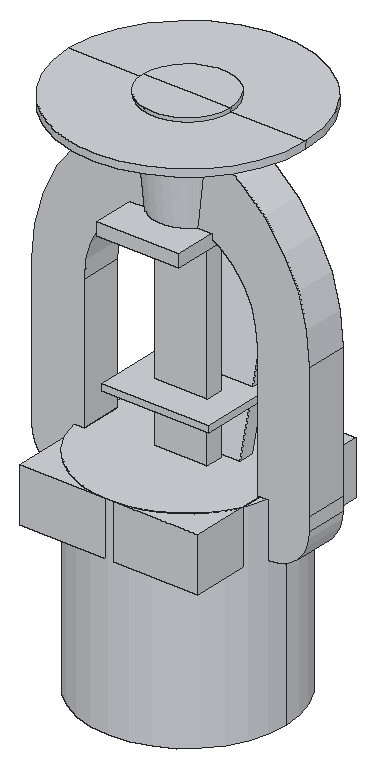
Revit family
Parameters (values of type "RASCO KFR-56")
  Temperature Rating = 212 °F
  Response = 1
  RASCO SIN # = "RA1414"
  RASCO Part # = "M216113299"
  Pressure Rating = "175 PSI"
  Pressure Class = (empty or 0)
  Orifice Size = 1/2"
  Orifice = (empty or 0)
  Model = "KFR-56"
  Manufacturer = "RASCO"
  K-Factor = 5.6
  Description = "Bronze Finish"
  Coverage = (empty or 0)
Reference planes (in)
  plane 1 "Center (Front/Back)": y = 0
  plane 2: z = 0
  plane 3 "Center (Left/Right)": x = 0
Dimensions and locks (in)
  aligned and locked: plane 2 to level
Nested families (in)
  nested 1: "RASCO- KFR-56" at (-0.64405, -1.77485, 0), type "RASCO KFR 56"
Definition of nested family "RASCO- KFR-56"
  Parameters (values of type "RASCO KFR 56")
    Type Comments = ""
    Temperature Rating = 0 °F
    Response = (empty or 0)
    Pressure Rating = "0"
    Pressure Class = (empty or 0)
    Orifice Size = 0"
    Orifice = (empty or 0)
    Model = ""
    Manufacturer = ""
    K-Factor = 0
    Description = ""
    Coverage = (empty or 0)
    Assembly Code = ""
  Reference planes (in)
    plane 1 "Center (Front/Back)": y = 0
    plane 2: z = 0
    plane 3 "REF.1": z = 0.66
    plane 4 "top": z = 2.25
    plane 5: x = -0.586
    plane 6: x = 0.586
    plane 7 "head": z = 2.72724
    plane 8 "left/right center": x = 0
    plane 9 "screw": z = 1.98251
    plane 10 "link2": through (0, -0.02489, 1.21079) normal (0, 0.6767, -0.7363)
    plane 11: z = 3.03899
    plane 12: z = 1.213
    plane 13: z = 3.80984
  Forms (in)
    Extrusion 1, solid
      sketch origin (0, 0, 0) x (1, 0, 0) y (0, 1, 0)
        loop
          circle (0, 0) r 0.417
      from 0 to 0.888
    Extrusion 2, solid
      sketch origin (0.12566, -0.07908, 0.66) x (-1, 0, 0) y (0, -1, 0)
        loop
          line (-0.24934, -0.49608) -> (0.50066, -0.49608) -> (0.50066, 0.33642) -> (-0.24934, 0.33642) -> (-0.24934, -0.49608)
      from 0 to 0.228
    Extrusion 3, solid
      sketch origin (0, 0, -0.21239) x (1, 0, 0) y (0, 0, 1)
        loop
          line (-0.366, 0.87239) -> (-0.366, 1.098) -> (-0.366, 1.66049)
          arc (-0.366, 1.66049) -> (-0.30538, 1.87362) -> (-0.14166, 2.02294) r 0.40495
          line (-0.14166, 2.02294) -> (0.14034, 2.02294)
          arc (0.14034, 2.02294) -> (0.30498, 1.87397) -> (0.366, 1.66049) r 0.4039
          line (0.366, 1.66049) -> (0.366, 1.098) -> (0.366, 0.87239) -> (0.41753, 0.87239)
          arc (0.41753, 0.87239) -> (0.53666, 0.92173) -> (0.586, 1.04086) r 0.16847
          line (0.586, 1.04086) -> (0.586, 1.098) -> (0.586, 1.66049)
          arc (0.586, 1.66049) -> (0.47679, 2.05208) -> (0.18069, 2.33064) r 0.75667
          line (0.18069, 2.33064) -> (-0.17801, 2.33064)
          arc (-0.17801, 2.33064) -> (-0.47598, 2.05278) -> (-0.586, 1.66049) r 0.75436
          line (-0.586, 1.66049) -> (-0.586, 1.098) -> (-0.586, 1.04033)
          arc (-0.586, 1.04033) -> (-0.53681, 0.92158) -> (-0.41806, 0.87239) r 0.16794
          line (-0.41806, 0.87239) -> (-0.366, 0.87239)
      from -0.08649 to 0.08732
    Revolve 4, solid
      sketch origin (0, 0, -0.42747) x (1, 0, 0) y (0, 0, 1)
        loop
          line (-0.00066, 2.67751) -> (-0.18366, 2.67751) -> (-0.14166, 2.23801) -> (-0.00066, 2.23801) -> (-0.00066, 2.67751)
        axis (-0.00066, 2.23801) -> (-0.00066, 2.67751)
      angle from 0 to 360
    Revolve 5, solid
      sketch origin (0, 0, -0.27109) x (1, 0, 0) y (0, 0, 1)
        loop
          line (0, 2.50714) -> (-0.5, 2.50714) -> (-0.5, 2.47625) -> (0, 2.47625) -> (0, 2.50714)
        axis (0, 2.50714) -> (0, 2.46777)
      angle from 0 to 360
    Extrusion 6, solid
      sketch origin (0, 0, 0) x (1, 0, 0) y (0, 0, 1)
        loop
          line (0.10934, 0.888) -> (0.10934, 1.75655) -> (-0.11066, 1.75655) -> (-0.11066, 0.888) -> (0.10934, 0.888)
      from -0.03602 to 0.03346
    Extrusion 7, solid
      sketch origin (0, -0.04968, -0.36564) x (0, 0, -1) y (0, -1, 0)
        loop
          arc (-2.17619, -0.26024) -> (-2.12925, -0.35549) -> (-2.02513, -0.37629) r 0.12011
          line (-2.02513, -0.37629) -> (-1.09226, -0.12744) -> (-1.09226, -0.0637) -> (-2.04069, -0.3167)
          arc (-2.04069, -0.3167) -> (-2.09778, -0.29813) -> (-2.12219, -0.24328) r 0.07382
          line (-2.12219, -0.24328) -> (-2.12219, 0.21398) -> (-2.17619, 0.21398) -> (-2.17619, -0.26024)
      from -0.17291 to 0.17375
    Extrusion 8, solid
      sketch origin (1.28892, -180, 1.213) x (-1, 0, 0) y (0, -1, 0)
        loop
          line (1.51406, -180.26702) -> (1.51406, -179.82637) -> (1.06218, -179.82637) -> (1.06218, -180.26702) -> (1.51406, -180.26702)
      from -0.07237 to -0.09921
